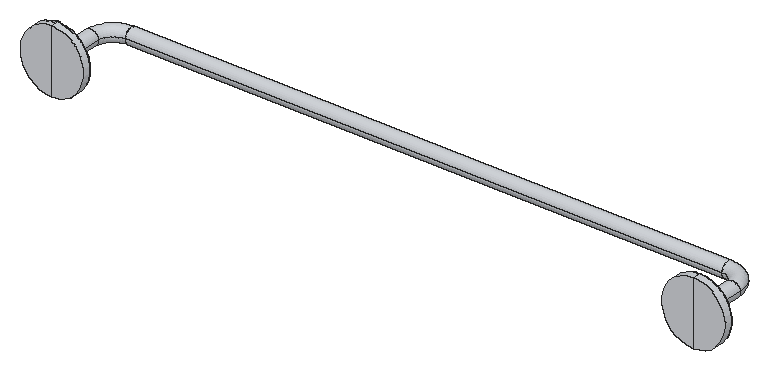
Revit family "SA-4607-24", category Plumbing Fixtures, host Wall, Revit 2023
Family settings
  Host = Wall
  Round Connector Dimension = Use Diameter
  Part Type = Normal
  OmniClass Number = 23.45.00.00
  OmniClass Title = Sanitary, Laundry, and Cleaning Equipment
  Enable Cutting in Views = No
  Always vertical = Yes
  Cut with Voids When Loaded = No
  Maintain Annotation Orientation = No
  Shared = No
  Room Calculation Point = No
Parameters
  Material = Steel
  Default Elevation = 0' - 0"
Reference planes (in)
  plane 1: y = 0
  plane 2 "Center (Left/Right)": x = -0.47711
  plane 3 "Back": y = 3
  plane 4: x = 12.71039
  plane 5: x = -13.66461
  plane 6: z = 0.28125
  plane 7: z = -0.28125
  plane 8: y = 5.9375
Text (in)
  text "Placement Side" at (0, 40.15149, 123.01588), in view "Left"
  text "Placement Side" at (-70.3804, 45.82615, 0), in view "Ref. Level"
Dimensions and locks (in)
  locked: plane 3 "Back" to host wall
  nested 1 to nested 1 = 2' - 0"
  plane 5 to plane 4 = 2' - 2 3/8"
  plane 7 to plane 6 = 0' - 0 9/16"
  plane 8 to plane 3 "Back" = 0' - 2 15/16"
  diameter of nested 1 = 0' - 2 3/8"
Nested families (in)
  nested 1: "bb" at (5.8507, 3, 0) x (-1, 0, 0) z (0, 1, 0), type "bb"
Definition of nested family "bb"
  Parameters (values of type "bb")
    Material = none
    Default Elevation = 4' - 0"
  Reference planes (in)
    plane 1 "Center (Front/Back)": y = 0
    plane 2: z = 0
    plane 3 "Center (Left/Right)": x = 0
  Forms (in)
    Extrusion 1, solid
      sketch origin (0, 0, 0) x (1, 0, 0) y (0, 1, 0)
        loop
          line (-48, 48) -> (-48, -48) -> (48, -48) -> (48, 48) -> (-48, 48)
      from 0 to -12
    Revolve 2, solid, material <- "Material"
      sketch origin (-5.67219, -3.58733, 6) x (0, -1, 0) y (0, 0, 1)
        loop
          line (-3.58733, -6) -> (-2.39983, -6) -> (-2.39983, -5.71321)
          arc (-2.39983, -5.71321) -> (-2.4177, -5.68716) -> (-2.44766, -5.67712) r 0.04973
          arc (-2.44766, -5.67712) -> (-2.61164, -5.62587) -> (-2.71723, -5.49034) r 0.28793
          line (-2.71723, -5.49034) -> (-2.80632, -5.40126) -> (-3.58733, -5.40126) -> (-3.58733, -6)
        axis (-3.58733, -5.40126) -> (-3.58733, -6)
      angle from 0 to 360
    Revolve 3, solid, material <- "Material"
      sketch origin (18.32781, -3.58733, 6) x (0, -1, 0) y (0, 0, -1)
        loop
          line (-3.58733, 6) -> (-3.58733, 5.40126) -> (-2.80632, 5.40126) -> (-2.71723, 5.49034)
          arc (-2.71723, 5.49034) -> (-2.61164, 5.62587) -> (-2.44766, 5.67712) r 0.28793
          arc (-2.44766, 5.67712) -> (-2.4177, 5.68716) -> (-2.39983, 5.71321) r 0.04973
          line (-2.39983, 5.71321) -> (-2.39983, 6) -> (-3.58733, 6)
        axis (-3.58733, 6) -> (-3.58733, 5.40126)
      angle from 0 to 360
    Sweep 4, solid, material <- "Material"
      path origin (6.32781, 0, 6) x (1, 0, 0) y (0, 0, 1)
        loop
          line (-12, -5.40126) -> (-12, -4.18961)
          arc (-12, -4.18961) -> (-11.75225, -3.5915) -> (-11.15414, -3.34375) r 0.84586
          line (-11.15414, -3.34375) -> (11.15414, -3.34375)
          arc (11.15414, -3.34375) -> (11.75225, -3.5915) -> (12, -4.18961) r 0.84586
          line (12, -4.18961) -> (12, -5.40126)
      profile origin (-5.67219, 0, 1.20457) x (-1, 0, 0) y (0, -1, 0)
        loop
          circle (0, 0) r 0.28125
  Dimensions and locks (in)
    locked: Revolve 3 sketch curve to Revolve 3 sketch curve at 0.59874
    locked: Revolve 2 sketch curve to Revolve 2 sketch curve at 0.59874
    aligned and locked: plane 2 to Extrusion 1
    aligned and locked: level to Extrusion 1
    aligned and locked: Revolve 2 to Sweep 4 sketch curve
    aligned and locked: Sweep 4 sketch curve to Revolve 3
